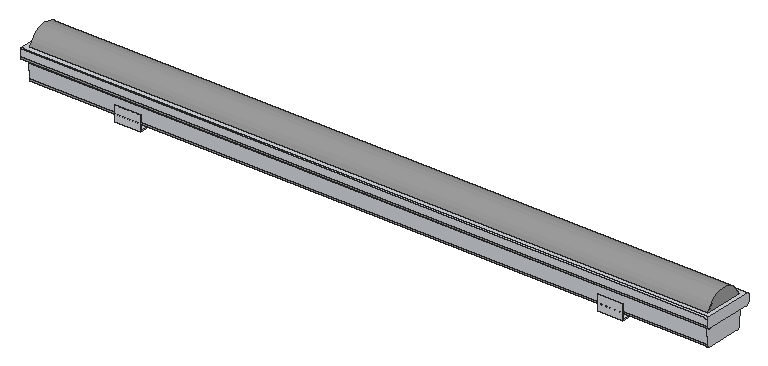
Revit family "0010237", category Lighting Fixtures, host Face, Revit 2017
Family settings
  Host = Face
  Round Connector Dimension = Use Diameter
  Part Type = Normal
  OmniClass Number = 23.80.70.00
  OmniClass Title = Lighting
  Cut with Voids When Loaded = No
  Light Source = Yes
  Shared = No
  Room Calculation Point = No
Parameters (values of type "0010237 RESISTO 1200 HE IP66 DALI 4800LM 840")
  Weight = "1.59 kg"
  Wattage Comments = ""
  Wattage = 31 W
  WarrantyStartDate [instance] = "n/a"
  WarrantyGuarantorParts = "n/a"
  WarrantyDurationUnit = "n/a"
  WarrantyDurationParts = "n/a"
  WarrantyDescription = "n/a"
  WIDTH_SYL = 44.5 mm
  built-in parameter 1150110 = 1 (stored number, unit not read)
  Voltage = 0 V
  URL = "http://www.sylvania-lighting.com"
  TypeName = "Resisto  1200 HE IP66 DALI 4800lm 840"
  Type Image = <None>
  Type Comments = "n/a"
  built-in parameter 1114217 = 1 (stored number, unit not read)
  Tilt Angle = -90.00°
  built-in parameter 1150109 = 1 (stored number, unit not read)
  built-in parameter 1150134 = 12
  TOP_WIDTH_SYL = 33.5 mm
  built-in parameter 1150113 = 1 (stored number, unit not read)
  SerialNumber [instance] = "n/a"
  Photometric Web File = "0010237.ies"
  Material_3_SYL = none
  PowerFactor = 0.98
  PowerConsumption = "31 W"
  NominalLength = 1200 mm
  NominalHeight = 80 mm
  NominalDepth = 87 mm
  Name = "Resisto  1200 HE IP66 DALI 4800lm 840"
  ModelReference = Name  # "Resisto  1200 HE IP66 DALI 4800lm 840"
  ModelNumber = "0010237"
  Model = Name  # "Resisto  1200 HE IP66 DALI 4800lm 840"
  Material = "pc polycarbonate housing, pc polycarbonate diffuser"
  ManufacturerName = "Feilo Sylvania"
  Manufacturer = "Feilo Sylvania"
  MID_WIDTH_SYL = 36 mm
  LuminousEfficacy = "155 lm/W"
  built-in parameter 1150105 = 1587 (stored number, unit not read)
  Lumens = 4805 lm
  LuminaireType = ""
  built-in parameter 1150115 = 1 (stored number, unit not read)
  LightOutputRatio = "n/a"
  built-in parameter 1150137 = (empty or 0)
  built-in parameter 1150139 = (empty or 0)
  LampsType = Lamp  # "LED"
  LampNominalLuminous = "4800 lm"
  LampMacAdamStep = "3"
  LampColourTemperature = "4000 K"
  LampColourRenderingIndex = "80"
  built-in parameter 1150112 = 1 (stored number, unit not read)
  built-in parameter 1150114 = 1 (stored number, unit not read)
  Lamp = "LED"
  LENGHT_SYL = if(L1500_SYL, 742 mm, if(L1200_SYL, 592 mm, 317 mm))  # 592 mm
  LENGHT_CHAMFER_SYL = if(L1500_SYL, 750 mm, if(L1200_SYL, 600 mm, 325 mm))  # 600 mm
  LENGHT_650_SYL = 325 mm
  LENGHT-_SYL = if(L1500_SYL, -742 mm, if(L1200_SYL, -592 mm, -317 mm))  # -592 mm
  LENGHT-_CHAMFER_SYL = if(L1500_SYL, -750 mm, if(L1200_SYL, -600 mm, -325 mm))  # -600 mm
  LEGHT_650-_SYL = -325 mm
  LEGHT_1500_SYL = 750 mm
  LEGHT_1500-_SYL = -750 mm
  LEGHT_1200_SYL = 600 mm
  LEGHT_1200-_SYL = -600 mm
  L0650_SYL = no
  L1500_SYL = no
  L1200_SYL = yes
  Keynote = "16500"
  InstallationDate [instance] = "n/a"
  InputVoltage = "n/a"
  InputNominalFrequency = "n/a"
  built-in parameter 1150132 = (empty or 0)
  built-in parameter 1150102 = (empty or 0)
  built-in parameter 1150107 = 4000 (stored number, unit not read)
  built-in parameter 1150138 = (empty or 0)
  IngressProtection = "IP66"
  ImpactProtectionIndex = "IK08"
  built-in parameter 1150106 = 15.87 (stored number, unit not read)
  IfcExportType = "IfcLightFixtureType"
  IfcExportAs = "IfcLightFixtureType"
  Emit from Circle Diameter = 609.6 mm
  Emit Shape Visible in Rendering = no
  ElectricShockClassification = "Class I"
  built-in parameter 1150104 = 14.4 (stored number, unit not read)
  DocumentationLiterature = "http://www.sylvania-lighting.com/product/en-int/products/0010237"
  DimmingControlOptions = "n/a"
  Material_2_SYL = none
  Dimming Lamp Color Temperature Shift = <None>
  Description = "Resisto, integrated LED weatherproof luminaire, with UV stabilized flat diffuser designed to achieve uniform lit appearance, optimise light output and to reduce glare. 301 stainless steel diffuser clips and fixing brackets for surface mounting. Polycarbonate housing and diffuser - no yellow discolouration over time. 4800lm; 31W; 155lm/W; 4000K; SDCM<3; DALI dimmable; CRI80; IP66; IK08; Class I; 69,000hrs (L80B20) lifespan; 1200mm x 89mm x 88mm; D-mark."
  Default Elevation = 1219.2 mm
  DIF_WIDHT_SYL = 35 mm
  DIF_HEIGHT_SYL = 24 mm
  CreatedOn = "3/10/2021"
  CreatedBy = "@sylvania-lighting.com"
  Cost = 0
  Color Filter = 16777215
  built-in parameter 1114216 [instance] = (empty or 0)
  ClassificationValue = "EF_70_80"
  ClassificationName = "Uniclass2015"
  Material_1_SYL = Default
  CHAMFER_SYL = 19 mm
  BarCode [instance] = "n/a"
  built-in parameter 1114218 = 1 (stored number, unit not read)
  BRACKET_WIDTH_SYL = BRACKET_DIST_SYL - 44 mm  # 400 mm
  BRACKET_HEIGHT_SYL = 9 mm
  BRACKET_DIST_SYL = LENGHT_CHAMFER_SYL - 156 mm  # 444 mm
  BODY_SYL = 36 mm
  built-in parameter 1150133 = 10 (stored number, unit not read)
  AssetType = "Fixed"
  AssetIdentifier [instance] = "n/a"
  Assembly Code = "D5020200"
  Apparent Load = 31 VA
  Material_4_SYL = none
Reference planes
  plane 1 "Center (Front/Back)": y = 0
  plane 2: z = 0
  plane 3 "Center (Left/Right)": x = 0
  plane 4: z = 9
  plane 5: z = 45
  plane 6: z = 64
  plane 7: z = 88
  plane 8: y = -44.5
  plane 9: y = 44.5
  plane 10: y = -35
  plane 11: y = 35
  plane 12: y = 33.5
  plane 13: y = -33.5
  plane 14: y = -36
  plane 15: y = 36
  plane 16: z = 1
Forms (mm)
  Extrusion 1, solid
    sketch origin (319, 1524, 1219.2) x (0, 1, 0) y (0, 0, 1)
      loop
        line (-1552.835, -1210.2) -> (-1495.165, -1210.2)
        arc (-1495.165, -1210.2) -> (-1491.754, -1208.856) -> (-1490.177, -1205.546) r 5
        line (-1490.177, -1205.546) -> (-1488.323, -1178.854) -> (-1488, -1174.2) -> (-1560, -1174.2) -> (-1559.677, -1178.854) -> (-1557.823, -1205.546)
        arc (-1557.823, -1205.546) -> (-1556.246, -1208.856) -> (-1552.835, -1210.2) r 5
    from -592 <- "LENGHT-_SYL" to 592 <- "LENGHT_SYL"
  Extrusion 2, solid, material "Default" <- "Material_1_SYL"
    sketch origin (319, 1524, 1219.2) x (0, 1, 0) y (0, 0, 1)
      loop
        arc (-1490.5, -1155.2) -> (-1524, -1131.2) -> (-1557.5, -1155.2) r 35.38
        line (-1557.5, -1155.2) -> (-1490.5, -1155.2)
    from -592 <- "LENGHT-_SYL" to 592 <- "LENGHT_SYL"
  Extrusion 3, solid
    sketch origin (319, 1524, 1219.2) x (0, 1, 0) y (0, 0, 1)
      loop
        line (-1481.5, -1155.2) -> (-1566.5, -1155.2)
        arc (-1566.5, -1155.2) -> (-1567.914, -1155.786) -> (-1568.5, -1157.2) r 2
        line (-1568.5, -1157.2) -> (-1568.5, -1169.2)
        arc (-1568.5, -1169.2) -> (-1567.036, -1172.736) -> (-1563.5, -1174.2) r 5
        line (-1563.5, -1174.2) -> (-1484.5, -1174.2)
        arc (-1484.5, -1174.2) -> (-1480.964, -1172.736) -> (-1479.5, -1169.2) r 5
        line (-1479.5, -1169.2) -> (-1479.5, -1157.2)
        arc (-1479.5, -1157.2) -> (-1480.086, -1155.786) -> (-1481.5, -1155.2) r 2
    from -600 <- "LENGHT-_CHAMFER_SYL" to 600 <- "LENGHT_CHAMFER_SYL"
  Extrusion 4, solid
    sketch origin (319, 1524, 1219.2) x (0, 1, 0) y (0, 0, 1)
      loop
        line (-1489, -1219.2) -> (-1489, -1192.216) -> (-1490.5, -1192.216) -> (-1490.5, -1218.2) -> (-1557.5, -1218.2) -> (-1557.5, -1192.172) -> (-1559, -1192.172) -> (-1559, -1219.2) -> (-1489, -1219.2)
    from 400 <- "BRACKET_WIDTH_SYL" to 444 <- "BRACKET_DIST_SYL"
  Extrusion 5, solid
    sketch origin (321, 1524, 1219.2) x (0, 1, 0) y (0, 0, -1)
      loop
        line (-1489, 1219.2) -> (-1559, 1219.2) -> (-1559, 1192.172) -> (-1557.5, 1192.172) -> (-1557.5, 1218.2) -> (-1490.5, 1218.2) -> (-1490.5, 1192.216) -> (-1489, 1192.216) -> (-1489, 1219.2)
    from 400 <- "BRACKET_WIDTH_SYL" to 444 <- "BRACKET_DIST_SYL"
Dimensions and locks
  "BRACKET_HEIGHT_SYL": plane 4 to host face
  "BODY_SYL": plane 4 to plane 5
  "CHAMFER_SYL": plane 5 to plane 6
  "DIF_HEIGHT_SYL": plane 6 to plane 7
  "WIDTH_SYL": plane 9 to plane 1 "Center (Front/Back)" to plane 8
  "DIF_WIDHT_SYL": plane 11 to plane 1 "Center (Front/Back)" to plane 10
  "TOP_WIDTH_SYL": plane 12 to plane 1 "Center (Front/Back)" to plane 13
  "MID_WIDTH_SYL": plane 15 to plane 1 "Center (Front/Back)" to plane 14
  aligned and locked: plane 2 to host face
  aligned and locked: level to host face
  aligned and locked: Extrusion 3 sketch curve to plane 6
  aligned and locked: Extrusion 3 sketch curve to plane 9
  aligned and locked: plane 5 to Extrusion 3 sketch curve
  aligned and locked: plane 8 to Extrusion 3 sketch curve
Automatic sketch dimensions
  host sketch curve to host sketch curve = 2438.4 mm  (x2)
  plane 5 to Extrusion 1 sketch curve = 0 mm
  Extrusion 1 sketch curve to plane 14 = 0 mm
  plane 4 to Extrusion 1 sketch curve = 0 mm
  Extrusion 1 sketch curve to plane 15 = 0 mm
  Extrusion 1 sketch curve to plane 14 = 0.323 mm
  plane 13 to Extrusion 1 sketch curve = 0.323 mm
  Extrusion 1 sketch curve to plane 13 = 4.665 mm
  plane 12 to Extrusion 1 sketch curve = 4.665 mm
  Extrusion 1 sketch curve to plane 12 = 0.323 mm
  plane 15 to Extrusion 1 sketch curve = 0.323 mm
  Extrusion 1 sketch curve to plane 4 = 4.654 mm  (x2)
  plane 5 to Extrusion 1 sketch curve = 4.654 mm  (x2)
  plane 6 to Extrusion 2 sketch curve = 0 mm
  Extrusion 2 sketch curve to plane 13 = 0 mm
  Extrusion 2 sketch curve to plane 1 "Center (Front/Back)" = 0 mm
  Extrusion 2 sketch curve to plane 5 = 7.62 mm
  Extrusion 3 sketch curve to plane 8 = 2 mm
  plane 14 to Extrusion 3 sketch curve = 3.5 mm
  Extrusion 3 sketch curve to plane 15 = 3.5 mm
  plane 6 to Extrusion 3 sketch curve = 2 mm
  Extrusion 4 sketch curve to level = 0 mm
  Extrusion 4 sketch curve to plane 10 = 0 mm
  Extrusion 4 sketch curve to plane 13 = 0 mm
  Extrusion 4 sketch curve to plane 12 = 0 mm
  Extrusion 4 sketch curve to plane 11 = 0 mm
  plane 16 to Extrusion 4 sketch curve = 0 mm
  Extrusion 4 sketch curve to plane 4 = 17.984 mm
  plane 5 to Extrusion 4 sketch curve = 17.972 mm
  Extrusion 5 sketch curve to level = 0 mm
  Extrusion 5 sketch curve to plane 10 = 0 mm
  Extrusion 5 sketch curve to plane 13 = 0 mm
  Extrusion 5 sketch curve to plane 12 = 0 mm
  Extrusion 5 sketch curve to plane 11 = 0 mm
  plane 16 to Extrusion 5 sketch curve = 0 mm
  Extrusion 5 sketch curve to plane 4 = 17.984 mm
  plane 5 to Extrusion 5 sketch curve = 17.972 mm
Connectors
  electrical at (-273, 0, 27)
    settings: on Extrusion 1, index 1, voltage 0 V, apparent load 0 VA, apparent load phase1 0 VA, apparent load phase2 0 VA, apparent load phase3 0 VA, power factor 1, load classification "Other", number of poles 1, system type 31, power factor state 1, is connector primary yes, connector utility no, sub classification motor no, connector description ""
Types (60, lengths in mm): name | Weight | Wattage | TypeName | built-in parameter 1150134 | Photometric Web File | PowerFactor | PowerConsumption | NominalLength | Name | ModelReference | ModelNumber | Model | LuminousEfficacy | built-in parameter 1150105 | Lumens | LampNominalLuminous | LampMacAdamStep | LampColourTemperature | LENGHT_SYL | LENGHT_CHAMFER_SYL | LENGHT-_SYL | LENGHT-_CHAMFER_SYL | L0650_SYL | L1500_SYL | L1200_SYL | built-in parameter 1150107 | built-in parameter 1150106 | built-in parameter 1150104 | DocumentationLiterature | Description | BRACKET_WIDTH_SYL | BRACKET_DIST_SYL | Apparent Load
  0010278 RESISTO 1500 HE IP66 8300LM 840 | "1.95 kg" | 54 W | "Resisto 1500 HE IP66 8300lm 840" | 12 | "0010278.ies" | 0.95 | "54 W" | 1500 | "Resisto 1500 HE IP66 8300lm 840" | "Resisto 1500 HE IP66 8300lm 840" | "0010278" | "Resisto 1500 HE IP66 8300lm 840" | "154 lm/W" | 2674.3 (stored number, unit not read) | 8316 lm | "8300 lm" | "3" | "4000 K" | 742 | 750 | -742 | -750 | no | yes | no | 4000 (stored number, unit not read) | 26.743 (stored number, unit not read) | 14.307 (stored number, unit not read) | "http://www.sylvania-lighting.com/product/en-int/products/0010278" | "Resisto, integrated LED weatherproof luminaire, with UV stabilized flat diffuser designed to achieve uniform lit appearance, optimise light output and to reduce glare. 301 stainless steel diffuser clips and fixing brackets for surface mounting. Polycarbonate housing and diffuser - no yellow discolouration over time. 8300lm; 54W; 154lm/W; 4000K; SDCM<3; non dimmable; CRI80; IP66; IK08; Class I; 69,000hrs (L80B20) lifespan; 1500mm x 89mm x 88mm; D-mark." | 550 | 594 | 54 VA
  0010274 RESISTO 1500 HE IP66 DALI 7100LM 840 | "2.01 kg" | 46 W | "Resisto 1500 HE IP66 DALI 7100lm 840" | 12 | "0010274.ies" | 0.98 | "46 W" | 1500 | "Resisto 1500 HE IP66 DALI 7100lm 840" | "Resisto 1500 HE IP66 DALI 7100lm 840" | "0010274" | "Resisto 1500 HE IP66 DALI 7100lm 840" | "154 lm/W" | 2362.2 (stored number, unit not read) | 7084 lm | "7100 lm" | "3" | "4000 K" | 742 | 750 | -742 | -750 | no | yes | no | 4000 (stored number, unit not read) | 23.622 (stored number, unit not read) | 14.307 (stored number, unit not read) | "http://www.sylvania-lighting.com/product/en-int/products/0010274" | "Resisto, integrated LED weatherproof luminaire, with UV stabilized flat diffuser designed to achieve uniform lit appearance, optimise light output and to reduce glare. 301 stainless steel diffuser clips and fixing brackets for surface mounting. Polycarbonate housing and diffuser - no yellow discolouration over time. 7100lm; 46W; 154lm/W; 4000K; SDCM<3; DALI dimmable; CRI80; IP66; IK08; Class I; 69,000hrs (L80B20) lifespan; 1500mm x 89mm x 88mm; D-mark." | 550 | 594 | 46 VA
  0010273 RESISTO 1500 HE IP66 DALI 4000LM 840 | "1.95 kg" | 25 W | "Resisto 1500 HE IP66 DALI 4000lm 840" | 12 | "0010273.ies" | 0.98 | "25 W" | 1500 | "Resisto 1500 HE IP66 DALI 4000lm 840" | "Resisto 1500 HE IP66 DALI 4000lm 840" | "0010273" | "Resisto 1500 HE IP66 DALI 4000lm 840" | "160 lm/W" | 1286.3 (stored number, unit not read) | 4000 lm | "4000 lm" | "3" | "4000 K" | 742 | 750 | -742 | -750 | no | yes | no | 4000 (stored number, unit not read) | 12.863 (stored number, unit not read) | 14.864 (stored number, unit not read) | "http://www.sylvania-lighting.com/product/en-int/products/0010273" | "Resisto, integrated LED weatherproof luminaire, with UV stabilized flat diffuser designed to achieve uniform lit appearance, optimise light output and to reduce glare. 301 stainless steel diffuser clips and fixing brackets for surface mounting. Polycarbonate housing and diffuser - no yellow discolouration over time. 4000lm; 25W; 160lm/W; 4000K; SDCM<3; DALI dimmable; CRI80; IP66; IK08; Class I; 69,000hrs (L80B20) lifespan; 1500mm x 89mm x 88mm; D-mark." | 550 | 594 | 25 VA
  0010272 RESISTO 1500 HE IP66 7100LM 840 EM | "2.58 kg" | 50 W | "Resisto 1500 HE IP66 7100lm 840 EM" | 12 | "0010272.ies" | 0.95 | "50 W" | 1500 | "Resisto 1500 HE IP66 7100lm 840 EM" | "Resisto 1500 HE IP66 7100lm 840 EM" | "0010272" | "Resisto 1500 HE IP66 7100lm 840 EM" | "142 lm/W" | 2367.5 (stored number, unit not read) | 7100 lm | "7100 lm" | "3" | "4000 K" | 742 | 750 | -742 | -750 | no | yes | no | 4000 (stored number, unit not read) | 23.675 (stored number, unit not read) | 13.192 (stored number, unit not read) | "http://www.sylvania-lighting.com/product/en-int/products/0010272" | "Resisto, integrated LED weatherproof luminaire, with UV stabilized flat diffuser designed to achieve uniform lit appearance, optimise light output and to reduce glare. 301 stainless steel diffuser clips and fixing brackets for surface mounting. Polycarbonate housing and diffuser - no yellow discolouration over time. 7100lm; 50W; 142lm/W; 4000K; SDCM<3; non dimmable; CRI80; IP66; IK08; Class I; 69,000hrs (L80B20) lifespan; 1500mm x 89mm x 88mm; D-mark; 3-hour maintained emergency batteries." | 550 | 594 | 50 VA
  0010271 RESISTO 1500 HE IP66 4000LM 840 EM | "2.51 kg" | 29 W | "Resisto 1500 HE IP66 4000lm 840 EM" | 12 | "0010271.ies" | 0.95 | "29 W" | 1500 | "Resisto 1500 HE IP66 4000lm 840 EM" | "Resisto 1500 HE IP66 4000lm 840 EM" | "0010271" | "Resisto 1500 HE IP66 4000lm 840 EM" | "138 lm/W" | 1287 (stored number, unit not read) | 4002 lm | "4000 lm" | "3" | "4000 K" | 742 | 750 | -742 | -750 | no | yes | no | 4000 (stored number, unit not read) | 12.87 (stored number, unit not read) | 12.821 (stored number, unit not read) | "http://www.sylvania-lighting.com/product/en-int/products/0010271" | "Resisto, integrated LED weatherproof luminaire, with UV stabilized flat diffuser designed to achieve uniform lit appearance, optimise light output and to reduce glare. 301 stainless steel diffuser clips and fixing brackets for surface mounting. Polycarbonate housing and diffuser - no yellow discolouration over time. 4000lm; 29W; 138lm/W; 4000K; SDCM<3; non dimmable; CRI80; IP66; IK08; Class I; 69,000hrs (L80B20) lifespan; 1500mm x 89mm x 88mm; D-mark; 3-hour maintained emergency batteries." | 550 | 594 | 29 VA
  0010269 RESISTO 1500 HE IP66 7100LM 840 | "1.95 kg" | 46 W | "Resisto  1500 HE IP66 7100lm 840" | 12 | "0010269.ies" | 0.95 | "46 W" | 1500 | "Resisto  1500 HE IP66 7100lm 840" | "Resisto  1500 HE IP66 7100lm 840" | "0010269" | "Resisto  1500 HE IP66 7100lm 840" | "154 lm/W" | 2362.2 (stored number, unit not read) | 7084 lm | "7100 lm" | "3" | "4000 K" | 742 | 750 | -742 | -750 | no | yes | no | 4000 (stored number, unit not read) | 23.622 (stored number, unit not read) | 14.307 (stored number, unit not read) | "http://www.sylvania-lighting.com/product/en-int/products/0010269" | "Resisto, integrated LED weatherproof luminaire, with UV stabilized flat diffuser designed to achieve uniform lit appearance, optimise light output and to reduce glare. 301 stainless steel diffuser clips and fixing brackets for surface mounting. Polycarbonate housing and diffuser - no yellow discolouration over time. 7100lm; 46W; 154lm/W; 4000K; SDCM<3; non dimmable; CRI80; IP66; IK08; Class I; 69,000hrs (L80B20) lifespan; 1500mm x 89mm x 88mm; D-mark." | 550 | 594 | 46 VA
  0010268 RESISTO 1500 HE IP66 4000LM 840 | "1.87 kg" | 25 W | "Resisto  1500 HE IP66 4000lm 840" | 12 | "0010268.ies" | 0.95 | "25 W" | 1500 | "Resisto  1500 HE IP66 4000lm 840" | "Resisto  1500 HE IP66 4000lm 840" | "0010268" | "Resisto  1500 HE IP66 4000lm 840" | "160 lm/W" | 1286.3 (stored number, unit not read) | 4000 lm | "4000 lm" | "3" | "4000 K" | 742 | 750 | -742 | -750 | no | yes | no | 4000 (stored number, unit not read) | 12.863 (stored number, unit not read) | 14.864 (stored number, unit not read) | "http://www.sylvania-lighting.com/product/en-int/products/0010268" | "Resisto, integrated LED weatherproof luminaire, with UV stabilized flat diffuser designed to achieve uniform lit appearance, optimise light output and to reduce glare. 301 stainless steel diffuser clips and fixing brackets for surface mounting. Polycarbonate housing and diffuser - no yellow discolouration over time. 4000lm; 25W; 160lm/W; 4000K; SDCM<3; non dimmable; CRI80; IP66; IK08; Class I; 69,000hrs (L80B20) lifespan; 1500mm x 89mm x 88mm; D-mark." | 550 | 594 | 25 VA
  0010261 RESISTO 1500 IP66 DALI 8300LM 840 | "2.01 kg" | 61 W | "Resisto  1500 IP66 DALI 8300lm 840" | 12 | "0010261.ies" | 0.99 | "61 W" | 1500 | "Resisto  1500 IP66 DALI 8300lm 840" | "Resisto  1500 IP66 DALI 8300lm 840" | "0010261" | "Resisto  1500 IP66 DALI 8300lm 840" | "136 lm/W" | 2792.8 (stored number, unit not read) | 8296 lm | "8300 lm" | "5" | "4000 K" | 742 | 750 | -742 | -750 | no | yes | no | 4000 (stored number, unit not read) | 27.928 (stored number, unit not read) | 12.635 (stored number, unit not read) | "http://www.sylvania-lighting.com/product/en-int/products/0010261" | "Resisto, integrated LED weatherproof luminaire, with UV stabilized flat diffuser designed to achieve uniform lit appearance, optimise light output and to reduce glare. 301 stainless steel diffuser clips and fixing brackets for surface mounting. Polycarbonate housing and diffuser - no yellow discolouration over time. 8300lm; 61W; 136lm/W; 4000K; SDCM<5; DALI dimmable; CRI80; IP66; IK08; Class I; 69,000hrs (L80B20) lifespan; 1500mm x 89mm x 88mm; D-mark." | 550 | 594 | 61 VA
  0010260 RESISTO 1500 IP66 DALI 7100LM 840 | "2.01 kg" | 52 W | "Resisto  1500 IP66 DALI 7100lm 840" | 12 | "0010260.ies" | 0.99 | "52 W" | 1500 | "Resisto  1500 IP66 DALI 7100lm 840" | "Resisto  1500 IP66 DALI 7100lm 840" | "0010260" | "Resisto  1500 IP66 DALI 7100lm 840" | "137 lm/W" | 2375.5 (stored number, unit not read) | 7124 lm | "7100 lm" | "5" | "4000 K" | 742 | 750 | -742 | -750 | no | yes | no | 4000 (stored number, unit not read) | 23.755 (stored number, unit not read) | 12.728 (stored number, unit not read) | "http://www.sylvania-lighting.com/product/en-int/products/0010260" | "Resisto, integrated LED weatherproof luminaire, with UV stabilized flat diffuser designed to achieve uniform lit appearance, optimise light output and to reduce glare. 301 stainless steel diffuser clips and fixing brackets for surface mounting. Polycarbonate housing and diffuser - no yellow discolouration over time. 7100lm; 52W; 137lm/W; 4000K; SDCM<5; DALI dimmable; CRI80; IP66; IK08; Class I; 69,000hrs (L80B20) lifespan; 1500mm x 89mm x 88mm; D-mark." | 550 | 594 | 52 VA
  0010259 RESISTO 1500 IP66 DALI 4000LM 840 | "1.95 kg" | 30 W | "Resisto  1500 IP66 DALI 4000lm 840" | 12 | "0010259.ies" | 0.98 | "30 W" | 1500 | "Resisto  1500 IP66 DALI 4000lm 840" | "Resisto  1500 IP66 DALI 4000lm 840" | "0010259" | "Resisto  1500 IP66 DALI 4000lm 840" | "133 lm/W" | 1283.1 (stored number, unit not read) | 3990 lm | "4000 lm" | "5" | "4000 K" | 742 | 750 | -742 | -750 | no | yes | no | 4000 (stored number, unit not read) | 12.831 (stored number, unit not read) | 12.356 (stored number, unit not read) | "http://www.sylvania-lighting.com/product/en-int/products/0010259" | "Resisto, integrated LED weatherproof luminaire, with UV stabilized flat diffuser designed to achieve uniform lit appearance, optimise light output and to reduce glare. 301 stainless steel diffuser clips and fixing brackets for surface mounting. Polycarbonate housing and diffuser - no yellow discolouration over time. 4000lm; 30W; 133lm/W; 4000K; SDCM<5; DALI dimmable; CRI80; IP66; IK08; Class I; 69,000hrs (L80B20) lifespan; 1500mm x 89mm x 88mm; D-mark." | 550 | 594 | 30 VA
  0010258 RESISTO 1500 IP66 MWCOR 7100LM 840 | "2.06 kg" | 52 W | "Resisto  1500 IP66 MWcor 7100lm 840" | 12 | "0010258.ies" | 0.99 | "52 W" | 1500 | "Resisto  1500 IP66 MWcor 7100lm 840" | "Resisto  1500 IP66 MWcor 7100lm 840" | "0010258" | "Resisto  1500 IP66 MWcor 7100lm 840" | "137 lm/W" | 2375.5 (stored number, unit not read) | 7124 lm | "7100 lm" | "5" | "4000 K" | 742 | 750 | -742 | -750 | no | yes | no | 4000 (stored number, unit not read) | 23.755 (stored number, unit not read) | 12.728 (stored number, unit not read) | "http://www.sylvania-lighting.com/product/en-int/products/0010258" | "Resisto, integrated LED weatherproof luminaire, with UV stabilized flat diffuser designed to achieve uniform lit appearance, optimise light output and to reduce glare. 301 stainless steel diffuser clips and fixing brackets for surface mounting. Polycarbonate housing and diffuser - no yellow discolouration over time. 7100lm; 52W; 137lm/W; 4000K; SDCM<5; non dimmable; CRI80; IP66; IK08; Class I; 69,000hrs (L80B20) lifespan; 1500mm x 89mm x 88mm; D-mark; corridor function with microwave presence sensor." | 550 | 594 | 52 VA
  0010257 RESISTO 1500 IP66 MWCOR 4000LM 840 | "2.0 kg" | 30 W | "Resisto  1500 IP66 MWcor 4000lm 840" | 12 | "0010257.ies" | 0.98 | "30 W" | 1500 | "Resisto  1500 IP66 MWcor 4000lm 840" | "Resisto  1500 IP66 MWcor 4000lm 840" | "0010257" | "Resisto  1500 IP66 MWcor 4000lm 840" | "133 lm/W" | 1283.1 (stored number, unit not read) | 3990 lm | "4000 lm" | "5" | "4000 K" | 742 | 750 | -742 | -750 | no | yes | no | 4000 (stored number, unit not read) | 12.831 (stored number, unit not read) | 12.356 (stored number, unit not read) | "http://www.sylvania-lighting.com/product/en-int/products/0010257" | "Resisto, integrated LED weatherproof luminaire, with UV stabilized flat diffuser designed to achieve uniform lit appearance, optimise light output and to reduce glare. 301 stainless steel diffuser clips and fixing brackets for surface mounting. Polycarbonate housing and diffuser - no yellow discolouration over time. 4000lm; 30W; 133lm/W; 4000K; SDCM<5; non dimmable; CRI80; IP66; IK08; Class I; 69,000hrs (L80B20) lifespan; 1500mm x 89mm x 88mm; D-mark; corridor function with microwave presence sensor." | 550 | 594 | 30 VA
  0010256 RESISTO 1500 IP66 MW 7100LM 840 | "2.0 kg" | 52 W | "Resisto  1500 IP66 MW 7100lm 840" | 12 | "0010256.ies" | 0.95 | "52 W" | 1500 | "Resisto  1500 IP66 MW 7100lm 840" | "Resisto  1500 IP66 MW 7100lm 840" | "0010256" | "Resisto  1500 IP66 MW 7100lm 840" | "137 lm/W" | 2375.5 (stored number, unit not read) | 7124 lm | "7100 lm" | "5" | "4000 K" | 742 | 750 | -742 | -750 | no | yes | no | 4000 (stored number, unit not read) | 23.755 (stored number, unit not read) | 12.728 (stored number, unit not read) | "http://www.sylvania-lighting.com/product/en-int/products/0010256" | "Resisto, integrated LED weatherproof luminaire, with UV stabilized flat diffuser designed to achieve uniform lit appearance, optimise light output and to reduce glare. 301 stainless steel diffuser clips and fixing brackets for surface mounting. Polycarbonate housing and diffuser - no yellow discolouration over time. 7100lm; 52W; 137lm/W; 4000K; SDCM<5; non dimmable; CRI80; IP66; IK08; Class I; 69,000hrs (L80B20) lifespan; 1500mm x 89mm x 88mm; D-mark; MW On/Off." | 550 | 594 | 52 VA
  0010255 RESISTO 1500 IP66 MW 4000LM 840 | "1.92 kg" | 30 W | "Resisto  1500 IP66 MW 4000lm 840" | 12 | "0010255.ies" | 0.95 | "30 W" | 1500 | "Resisto  1500 IP66 MW 4000lm 840" | "Resisto  1500 IP66 MW 4000lm 840" | "0010255" | "Resisto  1500 IP66 MW 4000lm 840" | "133 lm/W" | 1283.1 (stored number, unit not read) | 3990 lm | "4000 lm" | "5" | "4000 K" | 742 | 750 | -742 | -750 | no | yes | no | 4000 (stored number, unit not read) | 12.831 (stored number, unit not read) | 12.356 (stored number, unit not read) | "http://www.sylvania-lighting.com/product/en-int/products/0010255" | "Resisto, integrated LED weatherproof luminaire, with UV stabilized flat diffuser designed to achieve uniform lit appearance, optimise light output and to reduce glare. 301 stainless steel diffuser clips and fixing brackets for surface mounting. Polycarbonate housing and diffuser - no yellow discolouration over time. 4000lm; 30W; 133lm/W; 4000K; SDCM<5; non dimmable; CRI80; IP66; IK08; Class I; 69,000hrs (L80B20) lifespan; 1500mm x 89mm x 88mm; D-mark; MW On/Off." | 550 | 594 | 30 VA
  0010254 RESISTO 1500 IP66 7100LM 840 EM | "2.59 kg" | 56 W | "Resisto  1500 IP66 7100lm 840 EM" | 12 | "0010254.ies" | 0.95 | "56 W" | 1500 | "Resisto  1500 IP66 7100lm 840 EM" | "Resisto  1500 IP66 7100lm 840 EM" | "0010254" | "Resisto  1500 IP66 7100lm 840 EM" | "127 lm/W" | 2371.5 (stored number, unit not read) | 7112 lm | "7100 lm" | "5" | "4000 K" | 742 | 750 | -742 | -750 | no | yes | no | 4000 (stored number, unit not read) | 23.715 (stored number, unit not read) | 11.799 (stored number, unit not read) | "http://www.sylvania-lighting.com/product/en-int/products/0010254" | "Resisto, integrated LED weatherproof luminaire, with UV stabilized flat diffuser designed to achieve uniform lit appearance, optimise light output and to reduce glare. 301 stainless steel diffuser clips and fixing brackets for surface mounting. Polycarbonate housing and diffuser - no yellow discolouration over time. 7100lm; 56W; 127lm/W; 4000K; SDCM<5; non dimmable; CRI80; IP66; IK08; Class I; 69,000hrs (L80B20) lifespan; 1500mm x 89mm x 88mm; D-mark; 3-hour maintained emergency batteries." | 550 | 594 | 56 VA
  0010253 RESISTO 1500 IP66 4000LM 840 EM | "2.5 kg" | 34 W | "Resisto  1500 IP66 4000lm 840 EM" | 12 | "0010253.ies" | 0.95 | "34 W" | 1500 | "Resisto  1500 IP66 4000lm 840 EM" | "Resisto  1500 IP66 4000lm 840 EM" | "0010253" | "Resisto  1500 IP66 4000lm 840 EM" | "118 lm/W" | 1290.2 (stored number, unit not read) | 4012 lm | "4000 lm" | "5" | "4000 K" | 742 | 750 | -742 | -750 | no | yes | no | 4000 (stored number, unit not read) | 12.902 (stored number, unit not read) | 10.963 (stored number, unit not read) | "http://www.sylvania-lighting.com/product/en-int/products/0010253" | "Resisto, integrated LED weatherproof luminaire, with UV stabilized flat diffuser designed to achieve uniform lit appearance, optimise light output and to reduce glare. 301 stainless steel diffuser clips and fixing brackets for surface mounting. Polycarbonate housing and diffuser - no yellow discolouration over time. 4000lm; 34W; 118lm/W; 4000K; SDCM<5; non dimmable; CRI80; IP66; IK08; Class I; 69,000hrs (L80B20) lifespan; 1500mm x 89mm x 88mm; D-mark; 3-hour maintained emergency batteries." | 550 | 594 | 34 VA
  0010252 RESISTO 1500 IP66 7100LM 840 5XTH | "2.18 kg" | 52 W | "Resisto 1500 IP66 7100lm 840 5xTH" | 12 | "0010252.ies" | 0.95 | "52 W" | 1500 | "Resisto 1500 IP66 7100lm 840 5xTH" | "Resisto 1500 IP66 7100lm 840 5xTH" | "0010252" | "Resisto 1500 IP66 7100lm 840 5xTH" | "137 lm/W" | 2375.5 (stored number, unit not read) | 7124 lm | "7100 lm" | "5" | "4000 K" | 742 | 750 | -742 | -750 | no | yes | no | 4000 (stored number, unit not read) | 23.755 (stored number, unit not read) | 12.728 (stored number, unit not read) | "http://www.sylvania-lighting.com/product/en-int/products/0010252" | "Resisto, integrated LED weatherproof luminaire, with UV stabilized flat diffuser designed to achieve uniform lit appearance, optimise light output and to reduce glare. 301 stainless steel diffuser clips and fixing brackets for surface mounting. Polycarbonate housing and diffuser - no yellow discolouration over time. 7100lm; 52W; 137lm/W; 4000K; SDCM<5; non dimmable; CRI80; IP66; IK08; Class I; 69,000hrs (L80B20) lifespan; 1500mm x 89mm x 88mm; D-mark; through wiring." | 550 | 594 | 52 VA
  0010251 RESISTO 1500 IP66 4000LM 840 5XTH | "2.1 kg" | 30 W | "Resisto 1500 IP66 4000lm 840 5xTH" | 12 | "0010251.ies" | 0.95 | "30 W" | 1500 | "Resisto 1500 IP66 4000lm 840 5xTH" | "Resisto 1500 IP66 4000lm 840 5xTH" | "0010251" | "Resisto 1500 IP66 4000lm 840 5xTH" | "133 lm/W" | 1283.1 (stored number, unit not read) | 3990 lm | "4000 lm" | "5" | "4000 K" | 742 | 750 | -742 | -750 | no | yes | no | 4000 (stored number, unit not read) | 12.831 (stored number, unit not read) | 12.356 (stored number, unit not read) | "http://www.sylvania-lighting.com/product/en-int/products/0010251" | "Resisto, integrated LED weatherproof luminaire, with UV stabilized flat diffuser designed to achieve uniform lit appearance, optimise light output and to reduce glare. 301 stainless steel diffuser clips and fixing brackets for surface mounting. Polycarbonate housing and diffuser - no yellow discolouration over time. 4000lm; 30W; 133lm/W; 4000K; SDCM<5; non dimmable; CRI80; IP66; IK08; Class I; 69,000hrs (L80B20) lifespan; 1500mm x 89mm x 88mm; D-mark; through wiring." | 550 | 594 | 30 VA
  0010250 RESISTO 1500 IP66 7100LM 840 QC | "2.02 kg" | 52 W | "Resisto  1500 IP66 7100lm 840 QC" | 12 | "0010250.ies" | 0.95 | "52 W" | 1512 | "Resisto  1500 IP66 7100lm 840 QC" | "Resisto  1500 IP66 7100lm 840 QC" | "0010250" | "Resisto  1500 IP66 7100lm 840 QC" | "137 lm/W" | 2375.5 (stored number, unit not read) | 7124 lm | "7100 lm" | "5" | "4000 K" | 742 | 750 | -742 | -750 | no | yes | no | 4000 (stored number, unit not read) | 23.755 (stored number, unit not read) | 12.728 (stored number, unit not read) | "http://www.sylvania-lighting.com/product/en-int/products/0010250" | "Resisto, integrated LED weatherproof luminaire, with UV stabilized flat diffuser designed to achieve uniform lit appearance, optimise light output and to reduce glare. 301 stainless steel diffuser clips and fixing brackets for surface mounting. Polycarbonate housing and diffuser - no yellow discolouration over time. 7100lm; 52W; 137lm/W; 4000K; SDCM<5; non dimmable; CRI80; IP66; IK08; Class I; 69,000hrs (L80B20) lifespan; 1500mm x 89mm x 88mm; D-mark; assembled with quick connector." | 550 | 594 | 52 VA
  0010249 RESISTO 1500 IP66 4000LM 840 QC | "1.94 kg" | 30 W | "Resisto  1500 IP66 4000lm 840 QC" | 12 | "0010249.ies" | 0.95 | "30 W" | 1512 | "Resisto  1500 IP66 4000lm 840 QC" | "Resisto  1500 IP66 4000lm 840 QC" | "0010249" | "Resisto  1500 IP66 4000lm 840 QC" | "133 lm/W" | 1283.1 (stored number, unit not read) | 3990 lm | "4000 lm" | "5" | "4000 K" | 742 | 750 | -742 | -750 | no | yes | no | 4000 (stored number, unit not read) | 12.831 (stored number, unit not read) | 12.356 (stored number, unit not read) | "http://www.sylvania-lighting.com/product/en-int/products/0010249" | "Resisto, integrated LED weatherproof luminaire, with UV stabilized flat diffuser designed to achieve uniform lit appearance, optimise light output and to reduce glare. 301 stainless steel diffuser clips and fixing brackets for surface mounting. Polycarbonate housing and diffuser - no yellow discolouration over time. 4000lm; 30W; 133lm/W; 4000K; SDCM<5; non dimmable; CRI80; IP66; IK08; Class I; 69,000hrs (L80B20) lifespan; 1500mm x 89mm x 88mm; D-mark; assembled with quick connector." | 550 | 594 | 30 VA
  0010248 RESISTO 1500 IP66 8300LM 865 | "1.95 kg" | 61 W | "Resisto  1500 IP66 8300lm 865" | 1 | "0010248.ies" | 0.95 | "61 W" | 1500 | "Resisto  1500 IP66 8300lm 865" | "Resisto  1500 IP66 8300lm 865" | "0010248" | "Resisto  1500 IP66 8300lm 865" | "136 lm/W" | 2792.8 (stored number, unit not read) | 8296 lm | "8300 lm" | "5" | "6500 K" | 742 | 750 | -742 | -750 | no | yes | no | 6500 (stored number, unit not read) | 27.928 (stored number, unit not read) | 12.635 (stored number, unit not read) | "http://www.sylvania-lighting.com/product/en-int/products/0010248" | "Resisto, integrated LED weatherproof luminaire, with UV stabilized flat diffuser designed to achieve uniform lit appearance, optimise light output and to reduce glare. 301 stainless steel diffuser clips and fixing brackets for surface mounting. Polycarbonate housing and diffuser - no yellow discolouration over time. 8300lm; 61W; 136lm/W; 6500K; SDCM<5; non dimmable; CRI80; IP66; IK08; Class I; 69,000hrs (L80B20) lifespan; 1500mm x 89mm x 88mm; D-mark." | 550 | 594 | 61 VA
  0010247 RESISTO 1500 IP66 7100LM 865 | "1.95 kg" | 52 W | "Resisto  1500 IP66 7100lm 865" | 1 | "0010247.ies" | 0.95 | "52 W" | 1500 | "Resisto  1500 IP66 7100lm 865" | "Resisto  1500 IP66 7100lm 865" | "0010247" | "Resisto  1500 IP66 7100lm 865" | "137 lm/W" | 2375.5 (stored number, unit not read) | 7124 lm | "7100 lm" | "5" | "6500 K" | 742 | 750 | -742 | -750 | no | yes | no | 6500 (stored number, unit not read) | 23.755 (stored number, unit not read) | 12.728 (stored number, unit not read) | "http://www.sylvania-lighting.com/product/en-int/products/0010247" | "Resisto, integrated LED weatherproof luminaire, with UV stabilized flat diffuser designed to achieve uniform lit appearance, optimise light output and to reduce glare. 301 stainless steel diffuser clips and fixing brackets for surface mounting. Polycarbonate housing and diffuser - no yellow discolouration over time. 7100lm; 52W; 137lm/W; 6500K; SDCM<5; non dimmable; CRI80; IP66; IK08; Class I; 69,000hrs (L80B20) lifespan; 1500mm x 89mm x 88mm; D-mark." | 550 | 594 | 52 VA
  0010246 RESISTO 1500 IP66 4000LM 865 | "1.87 kg" | 30 W | "Resisto  1500 IP66 4000lm 865" | 1 | "0010246.ies" | 0.95 | "30 W" | 1500 | "Resisto  1500 IP66 4000lm 865" | "Resisto  1500 IP66 4000lm 865" | "0010246" | "Resisto  1500 IP66 4000lm 865" | "133 lm/W" | 1283.1 (stored number, unit not read) | 3990 lm | "4000 lm" | "5" | "6500 K" | 742 | 750 | -742 | -750 | no | yes | no | 6500 (stored number, unit not read) | 12.831 (stored number, unit not read) | 12.356 (stored number, unit not read) | "http://www.sylvania-lighting.com/product/en-int/products/0010246" | "Resisto, integrated LED weatherproof luminaire, with UV stabilized flat diffuser designed to achieve uniform lit appearance, optimise light output and to reduce glare. 301 stainless steel diffuser clips and fixing brackets for surface mounting. Polycarbonate housing and diffuser - no yellow discolouration over time. 4000lm; 30W; 133lm/W; 6500K; SDCM<5; non dimmable; CRI80; IP66; IK08; Class I; 69,000hrs (L80B20) lifespan; 1500mm x 89mm x 88mm; D-mark." | 550 | 594 | 30 VA
  0010245 RESISTO 1500 IP66 8300LM 840 | "15.48 kg" | 61 W | "Resisto  1500 IP66 8300lm 840" | 12 | "0010245.ies" | 0.95 | "61.0 W" | 1500 | "Resisto  1500 IP66 8300lm 840" | "Resisto  1500 IP66 8300lm 840" | "0010245" | "Resisto  1500 IP66 8300lm 840" | "136 lm/W" | -23179853.6 (stored number, unit not read) | 8296 lm | "8300 lm" | "5" | "4000 K" | 742 | 750 | -742 | -750 | no | yes | no | 4000 (stored number, unit not read) | -231798.5 (stored number, unit not read) | 12.635 (stored number, unit not read) | "http://www.sylvania-lighting.com/product/en-int/products/0010245" | "Resisto, integrated LED weatherproof luminaire, with UV stabilized flat diffuser designed to achieve uniform lit appearance, optimise light output and to reduce glare. 301 stainless steel diffuser clips and fixing brackets for surface mounting. Polycarbonate housing and diffuser - no yellow discolouration over time. 8300lm; 61W; 136lm/W; 4000K; SDCM<5; non dimmable; CRI80; IP66; IK08; Class I; 69,000hrs (L80B20) lifespan; 1500mm x 89mm x 88mm; D-mark." | 550 | 594 | 61 VA
  0010244 RESISTO 1500 IP66 7100LM 840 | "15.48 kg" | 52 W | "Resisto  1500 IP66 7100lm 840" | 12 | "0010244.ies" | 0.95 | "52.0 W" | 1500 | "Resisto  1500 IP66 7100lm 840" | "Resisto  1500 IP66 7100lm 840" | "0010244" | "Resisto  1500 IP66 7100lm 840" | "137 lm/W" | -16865856.3 (stored number, unit not read) | 7124 lm | "7100 lm" | "5" | "4000 K" | 742 | 750 | -742 | -750 | no | yes | no | 4000 (stored number, unit not read) | -168658.6 (stored number, unit not read) | 12.728 (stored number, unit not read) | "http://www.sylvania-lighting.com/product/en-int/products/0010244" | "Resisto, integrated LED weatherproof luminaire, with UV stabilized flat diffuser designed to achieve uniform lit appearance, optimise light output and to reduce glare. 301 stainless steel diffuser clips and fixing brackets for surface mounting. Polycarbonate housing and diffuser - no yellow discolouration over time. 7100lm; 52W; 137lm/W; 4000K; SDCM<5; non dimmable; CRI80; IP66; IK08; Class I; 69,000hrs (L80B20) lifespan; 1500mm x 89mm x 88mm; D-mark." | 550 | 594 | 52 VA
  0010243 RESISTO 1500 IP66 4000LM 840 | "1.87 kg" | 30 W | "Resisto  1500 IP66 4000lm 840" | 12 | "0010243.ies" | 0.95 | "30 W" | 1500 | "Resisto  1500 IP66 4000lm 840" | "Resisto  1500 IP66 4000lm 840" | "0010243" | "Resisto  1500 IP66 4000lm 840" | "133 lm/W" | 1283.1 (stored number, unit not read) | 3990 lm | "4000 lm" | "5" | "4000 K" | 742 | 750 | -742 | -750 | no | yes | no | 4000 (stored number, unit not read) | 12.831 (stored number, unit not read) | 12.356 (stored number, unit not read) | "http://www.sylvania-lighting.com/product/en-int/products/0010243" | "Resisto, integrated LED weatherproof luminaire, with UV stabilized flat diffuser designed to achieve uniform lit appearance, optimise light output and to reduce glare. 301 stainless steel diffuser clips and fixing brackets for surface mounting. Polycarbonate housing and diffuser - no yellow discolouration over time. 4000lm; 30W; 133lm/W; 4000K; SDCM<5; non dimmable; CRI80; IP66; IK08; Class I; 69,000hrs (L80B20) lifespan; 1500mm x 89mm x 88mm; D-mark." | 550 | 594 | 30 VA
  0010242 RESISTO 1500 IP66 8300LM 830 | "1.95 kg" | 61 W | "Resisto  1500 IP66 8300lm 830" | (empty or 0) | "0010242.ies" | 0.95 | "61 W" | 1500 | "Resisto  1500 IP66 8300lm 830" | "Resisto  1500 IP66 8300lm 830" | "0010242" | "Resisto  1500 IP66 8300lm 830" | "136 lm/W" | 2792.8 (stored number, unit not read) | 8296 lm | "8300 lm" | "5" | "3000 K" | 742 | 750 | -742 | -750 | no | yes | no | 3000 (stored number, unit not read) | 27.928 (stored number, unit not read) | 12.635 (stored number, unit not read) | "http://www.sylvania-lighting.com/product/en-int/products/0010242" | "Resisto, integrated LED weatherproof luminaire, with UV stabilized flat diffuser designed to achieve uniform lit appearance, optimise light output and to reduce glare. 301 stainless steel diffuser clips and fixing brackets for surface mounting. Polycarbonate housing and diffuser - no yellow discolouration over time. 8300lm; 61W; 136lm/W; 3000K; SDCM<5; non dimmable; CRI80; IP66; IK08; Class I; 69,000hrs (L80B20) lifespan; 1500mm x 89mm x 88mm; D-mark." | 550 | 594 | 61 VA
  0010241 RESISTO 1500 IP66 7100LM 830 | "1.95 kg" | 52 W | "Resisto  1500 IP66 7100lm 830" | (empty or 0) | "0010241.ies" | 0.95 | "52 W" | 1500 | "Resisto  1500 IP66 7100lm 830" | "Resisto  1500 IP66 7100lm 830" | "0010241" | "Resisto  1500 IP66 7100lm 830" | "137 lm/W" | 2375.5 (stored number, unit not read) | 7124 lm | "7100 lm" | "5" | "3000 K" | 742 | 750 | -742 | -750 | no | yes | no | 3000 (stored number, unit not read) | 23.755 (stored number, unit not read) | 12.728 (stored number, unit not read) | "http://www.sylvania-lighting.com/product/en-int/products/0010241" | "Resisto, integrated LED weatherproof luminaire, with UV stabilized flat diffuser designed to achieve uniform lit appearance, optimise light output and to reduce glare. 301 stainless steel diffuser clips and fixing brackets for surface mounting. Polycarbonate housing and diffuser - no yellow discolouration over time. 7100lm; 52W; 137lm/W; 3000K; SDCM<5; non dimmable; CRI80; IP66; IK08; Class I; 69,000hrs (L80B20) lifespan; 1500mm x 89mm x 88mm; D-mark." | 550 | 594 | 52 VA
  0010240 RESISTO 1500 IP66 4000LM 830 | "1.87 kg" | 30 W | "Resisto  1500 IP66 4000lm 830" | (empty or 0) | "0010240.ies" | 0.95 | "30 W" | 1500 | "Resisto  1500 IP66 4000lm 830" | "Resisto  1500 IP66 4000lm 830" | "0010240" | "Resisto  1500 IP66 4000lm 830" | "133 lm/W" | 1283.1 (stored number, unit not read) | 3990 lm | "4000 lm" | "5" | "3000 K" | 742 | 750 | -742 | -750 | no | yes | no | 3000 (stored number, unit not read) | 12.831 (stored number, unit not read) | 12.356 (stored number, unit not read) | "http://www.sylvania-lighting.com/product/en-int/products/0010240" | "Resisto, integrated LED weatherproof luminaire, with UV stabilized flat diffuser designed to achieve uniform lit appearance, optimise light output and to reduce glare. 301 stainless steel diffuser clips and fixing brackets for surface mounting. Polycarbonate housing and diffuser - no yellow discolouration over time. 4000lm; 30W; 133lm/W; 3000K; SDCM<5; non dimmable; CRI80; IP66; IK08; Class I; 69,000hrs (L80B20) lifespan; 1500mm x 89mm x 88mm; D-mark." | 550 | 594 | 30 VA
  0010237 RESISTO 1200 HE IP66 DALI 4800LM 840 | "1.59 kg" | 31 W | "Resisto  1200 HE IP66 DALI 4800lm 840" | 12 | "0010237.ies" | 0.98 | "31 W" | 1200 | "Resisto  1200 HE IP66 DALI 4800lm 840" | "Resisto  1200 HE IP66 DALI 4800lm 840" | "0010237" | "Resisto  1200 HE IP66 DALI 4800lm 840" | "155 lm/W" | 1587 (stored number, unit not read) | 4805 lm | "4800 lm" | "3" | "4000 K" | 592 | 600 | -592 | -600 | no | no | yes | 4000 (stored number, unit not read) | 15.87 (stored number, unit not read) | 14.4 (stored number, unit not read) | "http://www.sylvania-lighting.com/product/en-int/products/0010237" | "Resisto, integrated LED weatherproof luminaire, with UV stabilized flat diffuser designed to achieve uniform lit appearance, optimise light output and to reduce glare. 301 stainless steel diffuser clips and fixing brackets for surface mounting. Polycarbonate housing and diffuser - no yellow discolouration over time. 4800lm; 31W; 155lm/W; 4000K; SDCM<3; DALI dimmable; CRI80; IP66; IK08; Class I; 69,000hrs (L80B20) lifespan; 1200mm x 89mm x 88mm; D-mark." | 400 | 444 | 31 VA
  0010236 RESISTO 1200 HE IP66 DALI 2800LM 840 | "1.51 kg" | 18 W | "Resisto  1200 HE IP66 DALI 2800lm 840" | 12 | "0010236.ies" | 0.98 | "18 W" | 1200 | "Resisto  1200 HE IP66 DALI 2800lm 840" | "Resisto  1200 HE IP66 DALI 2800lm 840" | "0010236" | "Resisto  1200 HE IP66 DALI 2800lm 840" | "156 lm/W" | 922.88 (stored number, unit not read) | 2808 lm | "2800 lm" | "3" | "4000 K" | 592 | 600 | -592 | -600 | no | no | yes | 4000 (stored number, unit not read) | 9.2288 (stored number, unit not read) | 14.493 (stored number, unit not read) | "http://www.sylvania-lighting.com/product/en-int/products/0010236" | "Resisto, integrated LED weatherproof luminaire, with UV stabilized flat diffuser designed to achieve uniform lit appearance, optimise light output and to reduce glare. 301 stainless steel diffuser clips and fixing brackets for surface mounting. Polycarbonate housing and diffuser - no yellow discolouration over time. 2800lm; 18W; 156lm/W; 4000K; SDCM<3; DALI dimmable; CRI80; IP66; IK08; Class I; 69,000hrs (L80B20) lifespan; 1200mm x 89mm x 88mm; D-mark." | 400 | 444 | 18 VA
  0010235 RESISTO 1200 HE IP66 4800LM 840 EM | "2.12 kg" | 35 W | "Resisto  1200 HE IP66 4800lm 840 EM" | 12 | "0010235.ies" | 0.95 | "35 W" | 1200 | "Resisto  1200 HE IP66 4800lm 840 EM" | "Resisto  1200 HE IP66 4800lm 840 EM" | "0010235" | "Resisto  1200 HE IP66 4800lm 840 EM" | "137 lm/W" | 1583.6 (stored number, unit not read) | 4795 lm | "4800 lm" | "3" | "4000 K" | 592 | 600 | -592 | -600 | no | no | yes | 4000 (stored number, unit not read) | 15.836 (stored number, unit not read) | 12.728 (stored number, unit not read) | "http://www.sylvania-lighting.com/product/en-int/products/0010235" | "Resisto, integrated LED weatherproof luminaire, with UV stabilized flat diffuser designed to achieve uniform lit appearance, optimise light output and to reduce glare. 301 stainless steel diffuser clips and fixing brackets for surface mounting. Polycarbonate housing and diffuser - no yellow discolouration over time. 4800lm; 35W; 137lm/W; 4000K; SDCM<3; non dimmable; CRI80; IP66; IK08; Class I; 69,000hrs (L80B20) lifespan; 1200mm x 89mm x 88mm; D-mark; 3-hour maintained emergency batteries." | 400 | 444 | 35 VA
  0010234 RESISTO 1200 HE IP66 2800LM 840 EM | "2.12 kg" | 22 W | "Resisto  1200 HE IP66 2800lm 840 EM" | 12 | "0010234.ies" | 0.95 | "22 W" | 1200 | "Resisto  1200 HE IP66 2800lm 840 EM" | "Resisto  1200 HE IP66 2800lm 840 EM" | "0010234" | "Resisto  1200 HE IP66 2800lm 840 EM" | "127 lm/W" | 918.28 (stored number, unit not read) | 2794 lm | "2800 lm" | "3" | "4000 K" | 592 | 600 | -592 | -600 | no | no | yes | 4000 (stored number, unit not read) | 9.1828 (stored number, unit not read) | 11.799 (stored number, unit not read) | "http://www.sylvania-lighting.com/product/en-int/products/0010234" | "Resisto, integrated LED weatherproof luminaire, with UV stabilized flat diffuser designed to achieve uniform lit appearance, optimise light output and to reduce glare. 301 stainless steel diffuser clips and fixing brackets for surface mounting. Polycarbonate housing and diffuser - no yellow discolouration over time. 2800lm; 22W; 127lm/W; 4000K; SDCM<3; non dimmable; CRI80; IP66; IK08; Class I; 69,000hrs (L80B20) lifespan; 1200mm x 89mm x 88mm; D-mark; 3-hour maintained emergency batteries." | 400 | 444 | 22 VA
  0010233 RESISTO 1200 HE IP66 4800LM 840 | "1.51 kg" | 31 W | "Resisto  1200 HE IP66 4800lm 840" | 12 | "0010233.ies" | 0.95 | "31 W" | 1200 | "Resisto  1200 HE IP66 4800lm 840" | "Resisto  1200 HE IP66 4800lm 840" | "0010233" | "Resisto  1200 HE IP66 4800lm 840" | "155 lm/W" | 1587 (stored number, unit not read) | 4805 lm | "4800 lm" | "3" | "4000 K" | 592 | 600 | -592 | -600 | no | no | yes | 4000 (stored number, unit not read) | 15.87 (stored number, unit not read) | 14.4 (stored number, unit not read) | "http://www.sylvania-lighting.com/product/en-int/products/0010233" | "Resisto, integrated LED weatherproof luminaire, with UV stabilized flat diffuser designed to achieve uniform lit appearance, optimise light output and to reduce glare. 301 stainless steel diffuser clips and fixing brackets for surface mounting. Polycarbonate housing and diffuser - no yellow discolouration over time. 4800lm; 31W; 155lm/W; 4000K; SDCM<3; non dimmable; CRI80; IP66; IK08; Class I; 69,000hrs (L80B20) lifespan; 1200mm x 89mm x 88mm; D-mark." | 400 | 444 | 31 VA
  0010232 RESISTO 1200 HE IP66 2800LM 840 | "1.5 kg" | 18 W | "Resisto  1200 HE IP66 2800lm 840" | 12 | "0010232.ies" | 0.95 | "18 W" | 1200 | "Resisto  1200 HE IP66 2800lm 840" | "Resisto  1200 HE IP66 2800lm 840" | "0010232" | "Resisto  1200 HE IP66 2800lm 840" | "156 lm/W" | 922.88 (stored number, unit not read) | 2808 lm | "2800 lm" | "3" | "4000 K" | 592 | 600 | -592 | -600 | no | no | yes | 4000 (stored number, unit not read) | 9.2288 (stored number, unit not read) | 14.493 (stored number, unit not read) | "http://www.sylvania-lighting.com/product/en-int/products/0010232" | "Resisto, integrated LED weatherproof luminaire, with UV stabilized flat diffuser designed to achieve uniform lit appearance, optimise light output and to reduce glare. 301 stainless steel diffuser clips and fixing brackets for surface mounting. Polycarbonate housing and diffuser - no yellow discolouration over time. 2800lm; 18W; 156lm/W; 4000K; SDCM<3; non dimmable; CRI80; IP66; IK08; Class I; 69,000hrs (L80B20) lifespan; 1200mm x 89mm x 88mm; D-mark." | 400 | 444 | 18 VA
  0010225 RESISTO 1200 IP66 DALI 4800LM 840 | "1.62 kg" | 35 W | "Resisto  1200 IP66 DALI 4800lm 840" | 12 | "0010225.ies" | 0.98 | "35 W" | 1200 | "Resisto  1200 IP66 DALI 4800lm 840" | "Resisto  1200 IP66 DALI 4800lm 840" | "0010225" | "Resisto  1200 IP66 DALI 4800lm 840" | "137 lm/W" | 1583.6 (stored number, unit not read) | 4795 lm | "4800 lm" | "5" | "4000 K" | 592 | 600 | -592 | -600 | no | no | yes | 4000 (stored number, unit not read) | 15.836 (stored number, unit not read) | 12.728 (stored number, unit not read) | "http://www.sylvania-lighting.com/product/en-int/products/0010225" | "Resisto, integrated LED weatherproof luminaire, with UV stabilized flat diffuser designed to achieve uniform lit appearance, optimise light output and to reduce glare. 301 stainless steel diffuser clips and fixing brackets for surface mounting. Polycarbonate housing and diffuser - no yellow discolouration over time. 4800lm; 35W; 137lm/W; 4000K; SDCM<5; DALI dimmable; CRI80; IP66; IK08; Class I; 69,000hrs (L80B20) lifespan; 1200mm x 89mm x 88mm; D-mark." | 400 | 444 | 35 VA
  0010224 RESISTO 1200 IP66 DALI 2800LM 840 | "1.59 kg" | 21 W | "Resisto  1200 IP66 DALI 2800lm 840" | 12 | "0010224.ies" | 0.98 | "21 W" | 1200 | "Resisto  1200 IP66 DALI 2800lm 840" | "Resisto  1200 IP66 DALI 2800lm 840" | "0010224" | "Resisto  1200 IP66 DALI 2800lm 840" | "133 lm/W" | 917.95 (stored number, unit not read) | 2793 lm | "2800 lm" | "5" | "4000 K" | 592 | 600 | -592 | -600 | no | no | yes | 4000 (stored number, unit not read) | 9.1795 (stored number, unit not read) | 12.356 (stored number, unit not read) | "http://www.sylvania-lighting.com/product/en-int/products/0010224" | "Resisto, integrated LED weatherproof luminaire, with UV stabilized flat diffuser designed to achieve uniform lit appearance, optimise light output and to reduce glare. 301 stainless steel diffuser clips and fixing brackets for surface mounting. Polycarbonate housing and diffuser - no yellow discolouration over time. 2800lm; 21W; 133lm/W; 4000K; SDCM<5; DALI dimmable; CRI80; IP66; IK08; Class I; 69,000hrs (L80B20) lifespan; 1200mm x 89mm x 88mm; D-mark." | 400 | 444 | 21 VA
  0010223 RESISTO 1200 IP66 MWCOR 4800LM 840 | "1.72 kg" | 35 W | "Resisto  1200 IP66 MWcor 4800lm 840" | 12 | "0010223.ies" | 0.98 | "35 W" | 1200 | "Resisto  1200 IP66 MWcor 4800lm 840" | "Resisto  1200 IP66 MWcor 4800lm 840" | "0010223" | "Resisto  1200 IP66 MWcor 4800lm 840" | "137 lm/W" | 1583.6 (stored number, unit not read) | 4795 lm | "4800 lm" | "5" | "4000 K" | 592 | 600 | -592 | -600 | no | no | yes | 4000 (stored number, unit not read) | 15.836 (stored number, unit not read) | 12.728 (stored number, unit not read) | "http://www.sylvania-lighting.com/product/en-int/products/0010223" | "Resisto, integrated LED weatherproof luminaire, with UV stabilized flat diffuser designed to achieve uniform lit appearance, optimise light output and to reduce glare. 301 stainless steel diffuser clips and fixing brackets for surface mounting. Polycarbonate housing and diffuser - no yellow discolouration over time. 4800lm; 35W; 137lm/W; 4000K; SDCM<5; non dimmable; CRI80; IP66; IK08; Class I; 69,000hrs (L80B20) lifespan; 1200mm x 89mm x 88mm; D-mark; corridor function with microwave presence sensor." | 400 | 444 | 35 VA
  0010222 RESISTO 1200 IP66 MWCOR 2800LM 840 | "1.64 kg" | 21 W | "Resisto  1200 IP66 MWcor 2800lm 840" | 12 | "0010222.ies" | 0.98 | "21 W" | 1200 | "Resisto  1200 IP66 MWcor 2800lm 840" | "Resisto  1200 IP66 MWcor 2800lm 840" | "0010222" | "Resisto  1200 IP66 MWcor 2800lm 840" | "133 lm/W" | 917.95 (stored number, unit not read) | 2793 lm | "2800 lm" | "5" | "4000 K" | 592 | 600 | -592 | -600 | no | no | yes | 4000 (stored number, unit not read) | 9.1795 (stored number, unit not read) | 12.356 (stored number, unit not read) | "http://www.sylvania-lighting.com/product/en-int/products/0010222" | "Resisto, integrated LED weatherproof luminaire, with UV stabilized flat diffuser designed to achieve uniform lit appearance, optimise light output and to reduce glare. 301 stainless steel diffuser clips and fixing brackets for surface mounting. Polycarbonate housing and diffuser - no yellow discolouration over time. 2800lm; 21W; 133lm/W; 4000K; SDCM<5; non dimmable; CRI80; IP66; IK08; Class I; 69,000hrs (L80B20) lifespan; 1200mm x 89mm x 88mm; D-mark; corridor function with microwave presence sensor." | 400 | 444 | 21 VA
  0010221 RESISTO 1200 IP66 MW 4800LM 840 | "1.59 kg" | 35 W | "Resisto  1200 IP66 MW 4800lm 840" | 12 | "0010221.ies" | 0.95 | "35 W" | 1200 | "Resisto  1200 IP66 MW 4800lm 840" | "Resisto  1200 IP66 MW 4800lm 840" | "0010221" | "Resisto  1200 IP66 MW 4800lm 840" | "137 lm/W" | 1583.6 (stored number, unit not read) | 4795 lm | "4800 lm" | "5" | "4000 K" | 592 | 600 | -592 | -600 | no | no | yes | 4000 (stored number, unit not read) | 15.836 (stored number, unit not read) | 12.728 (stored number, unit not read) | "http://www.sylvania-lighting.com/product/en-int/products/0010221" | "Resisto, integrated LED weatherproof luminaire, with UV stabilized flat diffuser designed to achieve uniform lit appearance, optimise light output and to reduce glare. 301 stainless steel diffuser clips and fixing brackets for surface mounting. Polycarbonate housing and diffuser - no yellow discolouration over time. 4800lm; 35W; 137lm/W; 4000K; SDCM<5; non dimmable; CRI80; IP66; IK08; Class I; 69,000hrs (L80B20) lifespan; 1200mm x 89mm x 88mm; D-mark; MW On/Off." | 400 | 444 | 35 VA
  0010220 RESISTO 1200 IP66 MW 2800LM 840 | "1.55 kg" | 21 W | "Resisto  1200 IP66 MW 2800lm 840" | 12 | "0010220.ies" | 0.95 | "21 W" | 1200 | "Resisto  1200 IP66 MW 2800lm 840" | "Resisto  1200 IP66 MW 2800lm 840" | "0010220" | "Resisto  1200 IP66 MW 2800lm 840" | "133 lm/W" | 917.95 (stored number, unit not read) | 2793 lm | "2800 lm" | "5" | "4000 K" | 592 | 600 | -592 | -600 | no | no | yes | 4000 (stored number, unit not read) | 9.1795 (stored number, unit not read) | 12.356 (stored number, unit not read) | "http://www.sylvania-lighting.com/product/en-int/products/0010220" | "Resisto, integrated LED weatherproof luminaire, with UV stabilized flat diffuser designed to achieve uniform lit appearance, optimise light output and to reduce glare. 301 stainless steel diffuser clips and fixing brackets for surface mounting. Polycarbonate housing and diffuser - no yellow discolouration over time. 2800lm; 21W; 133lm/W; 4000K; SDCM<5; non dimmable; CRI80; IP66; IK08; Class I; 69,000hrs (L80B20) lifespan; 1200mm x 89mm x 88mm; D-mark; MW On/Off." | 400 | 444 | 21 VA
  0010219 RESISTO 1200 IP66 4800LM 840 EM | "2.16 kg" | 39 W | "Resisto  1200 IP66 4800lm 840 EM" | 12 | "0010219.ies" | 0.95 | "39 W" | 1200 | "Resisto  1200 IP66 4800lm 840 EM" | "Resisto  1200 IP66 4800lm 840 EM" | "0010219" | "Resisto  1200 IP66 4800lm 840 EM" | "123 lm/W" | 1584.3 (stored number, unit not read) | 4797 lm | "4800 lm" | "5" | "4000 K" | 592 | 600 | -592 | -600 | no | no | yes | 4000 (stored number, unit not read) | 15.843 (stored number, unit not read) | 11.427 (stored number, unit not read) | "http://www.sylvania-lighting.com/product/en-int/products/0010219" | "Resisto, integrated LED weatherproof luminaire, with UV stabilized flat diffuser designed to achieve uniform lit appearance, optimise light output and to reduce glare. 301 stainless steel diffuser clips and fixing brackets for surface mounting. Polycarbonate housing and diffuser - no yellow discolouration over time. 4800lm; 39W; 123lm/W; 4000K; SDCM<5; non dimmable; CRI80; IP66; IK08; Class I; 69,000hrs (L80B20) lifespan; 1200mm x 89mm x 88mm; D-mark; 3-hour maintained emergency batteries." | 400 | 444 | 39 VA
  0010218 RESISTO 1200 IP66 2800LM 840 EM | "2.12 kg" | 25 W | "Resisto  1200 IP66 2800lm 840 EM" | 12 | "0010218.ies" | 0.95 | "25 W" | 1200 | "Resisto  1200 IP66 2800lm 840 EM" | "Resisto  1200 IP66 2800lm 840 EM" | "0010218" | "Resisto  1200 IP66 2800lm 840 EM" | "112 lm/W" | 920.25 (stored number, unit not read) | 2800 lm | "2800 lm" | "5" | "4000 K" | 592 | 600 | -592 | -600 | no | no | yes | 4000 (stored number, unit not read) | 9.2025 (stored number, unit not read) | 10.405 (stored number, unit not read) | "http://www.sylvania-lighting.com/product/en-int/products/0010218" | "Resisto, integrated LED weatherproof luminaire, with UV stabilized flat diffuser designed to achieve uniform lit appearance, optimise light output and to reduce glare. 301 stainless steel diffuser clips and fixing brackets for surface mounting. Polycarbonate housing and diffuser - no yellow discolouration over time. 2800lm; 25W; 112lm/W; 4000K; SDCM<5; non dimmable; CRI80; IP66; IK08; Class I; 69,000hrs (L80B20) lifespan; 1200mm x 89mm x 88mm; D-mark; 3-hour maintained emergency batteries." | 400 | 444 | 25 VA
  0010217 RESISTO 1200 IP66 4800LM 840 5XTH | "1.72 kg" | 35 W | "Resisto 1200 IP66 4800lm 840 5xTH" | 12 | "0010217.ies" | 0.95 | "35 W" | 1200 | "Resisto 1200 IP66 4800lm 840 5xTH" | "Resisto 1200 IP66 4800lm 840 5xTH" | "0010217" | "Resisto 1200 IP66 4800lm 840 5xTH" | "137 lm/W" | 1583.6 (stored number, unit not read) | 4795 lm | "4800 lm" | "5" | "4000 K" | 592 | 600 | -592 | -600 | no | no | yes | 4000 (stored number, unit not read) | 15.836 (stored number, unit not read) | 12.728 (stored number, unit not read) | "http://www.sylvania-lighting.com/product/en-int/products/0010217" | "Resisto, integrated LED weatherproof luminaire, with UV stabilized flat diffuser designed to achieve uniform lit appearance, optimise light output and to reduce glare. 301 stainless steel diffuser clips and fixing brackets for surface mounting. Polycarbonate housing and diffuser - no yellow discolouration over time. 4800lm; 35W; 137lm/W; 4000K; SDCM<5; non dimmable; CRI80; IP66; IK08; Class I; 69,000hrs (L80B20) lifespan; 1200mm x 89mm x 88mm; D-mark; through wiring." | 400 | 444 | 35 VA
  0010216 RESISTO 1200 IP66 2800LM 840 5XTH | "1.68 kg" | 21 W | "Resisto 1200 IP66 2800lm 840 5xTH" | 12 | "0010216.ies" | 0.95 | "21 W" | 1200 | "Resisto 1200 IP66 2800lm 840 5xTH" | "Resisto 1200 IP66 2800lm 840 5xTH" | "0010216" | "Resisto 1200 IP66 2800lm 840 5xTH" | "133 lm/W" | 917.95 (stored number, unit not read) | 2793 lm | "2800 lm" | "5" | "4000 K" | 592 | 600 | -592 | -600 | no | no | yes | 4000 (stored number, unit not read) | 9.1795 (stored number, unit not read) | 12.356 (stored number, unit not read) | "http://www.sylvania-lighting.com/product/en-int/products/0010216" | "Resisto, integrated LED weatherproof luminaire, with UV stabilized flat diffuser designed to achieve uniform lit appearance, optimise light output and to reduce glare. 301 stainless steel diffuser clips and fixing brackets for surface mounting. Polycarbonate housing and diffuser - no yellow discolouration over time. 2800lm; 21W; 133lm/W; 4000K; SDCM<5; non dimmable; CRI80; IP66; IK08; Class I; 69,000hrs (L80B20) lifespan; 1200mm x 89mm x 88mm; D-mark; through wiring." | 400 | 444 | 21 VA
